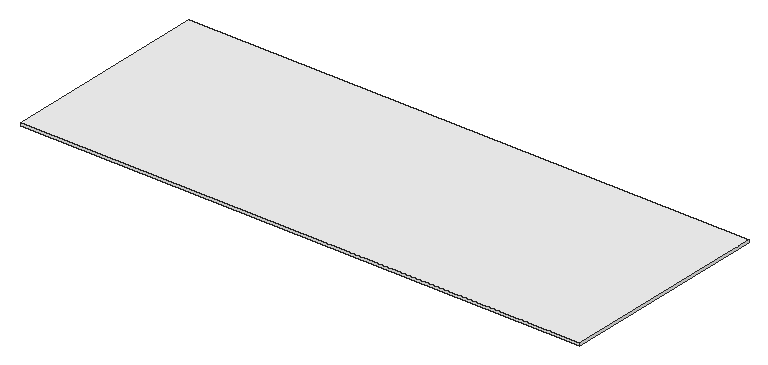
Revit family "NBS_AndersonGECLtd_Splshbcks_StainlessSteelSplashback", category Furniture, host Face, Revit 2017
Family settings
  Host = Face
  Cut with Voids When Loaded = No
  Shared = No
  Room Calculation Point = No
Parameters
  WarrantyStartDate [instance] = "1900-12-31T23:59:59"
  WarrantyGuarantorParts = "n/a"
  WarrantyGuarantorLabor = "n/a"
  WarrantyDurationUnit = "year"
  WarrantyDurationParts = "n/a"
  WarrantyDurationLabor = "n/a"
  WarrantyDescription = "n/a"
  Version = "1"  # constant formula
  Uniclass2015Version = "Products v1.11"
  Uniclass2015Title = "Kitchen splashbacks"
  Uniclass2015Code = "Pr_40_30_30_45"
  Thickness = SplashbackThickness  # 20 mm
  TagNumber [instance] = "n/a"
  SustainabilityPerformance = "100% recyclable"
  Style = "n/a"
  Status = "UNSET"
  SplashbackWidth = 4000 mm
  SplashbackThickness = 20 mm
  SplashbackMaterial = NBS_Concept
  SplashbackHeight = 1500 mm
  Size = "4000 x 1500 mm"
  Shape = "Rectangle"
  SerialNumber [instance] = "n/a"
  Revision = "n/a"
  ReplacementCost = "n/a"
  Reference = "n/a"
  ProductInformation = "http://www.gecanderson.co.uk/product/made-to-measure/splashbacks/index.html"
  Options = "Flat sheet available,, cut-outs for electrical points"
  NominalWidth = SplashbackWidth  # 4000 mm
  NominalLength = SplashbackWidth  # 4000 mm
  NominalHeight = SplashbackHeight  # 1500 mm
  NominalDepth = SplashbackThickness  # 20 mm
  Name = "Splashbacks_StainlessSteelSplashback_AndersonGECLtd"
  NBSReference = "45-35-15/464"
  NBSDescription = "Splashbacks"
  NBSCertification = "www.nationalbimlibrary.com/cert/uoaz4ilh"
  ModelReference = "Stainless Steel Splashbacks"
  ModelNumber = "n/a"
  Material = "Stainless steel"
  ManufacturerURL = "www.gecanderson.co.uk"
  ManufacturerName = "Anderson, GEC Ltd"  # constant formula
  Manufacturer = "info@gecanderson.co.uk"  # constant formula
  MainColor = "n/a"
  IsBuiltIn = yes
  InstallationDate [instance] = "1900-12-31T23:59:59"
  IfcExportType = "SPLASHBACK"  # constant formula
  IfcExportAs = "IfcFurnitureType"  # constant formula
  Grade = "n/a"
  FixingHoles = "As required"
  Finish = "Brushed satin"
  Features = "Easy to clean"
  ExpectedLife = "30 years"
  Edges = "Folded"
  DurationUnit = "year"
  Description = "Stainless steel panels and splashbacks"
  Default Elevation = 900 mm
  CornersOptions = "Welded, unwelded"
  Constituents = "n/a"
  Color = "n/a"
  CodePerformance = "EN 1.4301"
  Category = "Pr_40_30_30_45:Kitchen splashbacks"
  BarCode [instance] = "n/a"
  BIMObjectName = "NBS_AndersonGECLtd_Splashbacks_StainlessSteelSplashback"
  Author = "NBS"  # constant formula
  AssetType = "Fixed"
  AssetIdentifier [instance] = "n/a"
  AccessibilityPerformance = "n/a"
Reference planes
  plane 1 "Center (Front/Back)": y = 0
  plane 2: z = 0
  plane 3 "Center (Left/Right)": x = 0
  plane 4 "Left": x = -2000
  plane 5 "Right": x = 2000
  plane 6 "Top": y = 1500
Forms (mm)
  Extrusion 1, solid, material "NBS_Concept" <- "SplashbackMaterial"
    sketch origin (0, 0, 0) x (1, 0, 0) y (0, 1, 0)
      loop
        line (2000, 0) -> (2000, 1500) -> (-2000, 1500) -> (-2000, 0) -> (2000, 0)
    from 0 to 20 <- "SplashbackThickness"
Dimensions and locks
  "SplashbackHeight": plane 1 "Center (Front/Back)" to plane 6 "Top"
  equal spacing: plane 4 "Left", plane 3 "Center (Left/Right)", plane 5 "Right"
  "SplashbackWidth": plane 4 "Left" to plane 5 "Right"
  aligned and locked: plane 2 to host face
  aligned and locked: level to host face
  aligned and locked: Extrusion 1 sketch curve to plane 1 "Center (Front/Back)"
  aligned and locked: Extrusion 1 sketch curve to plane 4 "Left"
  aligned and locked: Extrusion 1 sketch curve to plane 6 "Top"
  aligned and locked: plane 5 "Right" to Extrusion 1 sketch curve
Automatic sketch dimensions
  host sketch curve to host sketch curve = 2438.4 mm  (x2)
